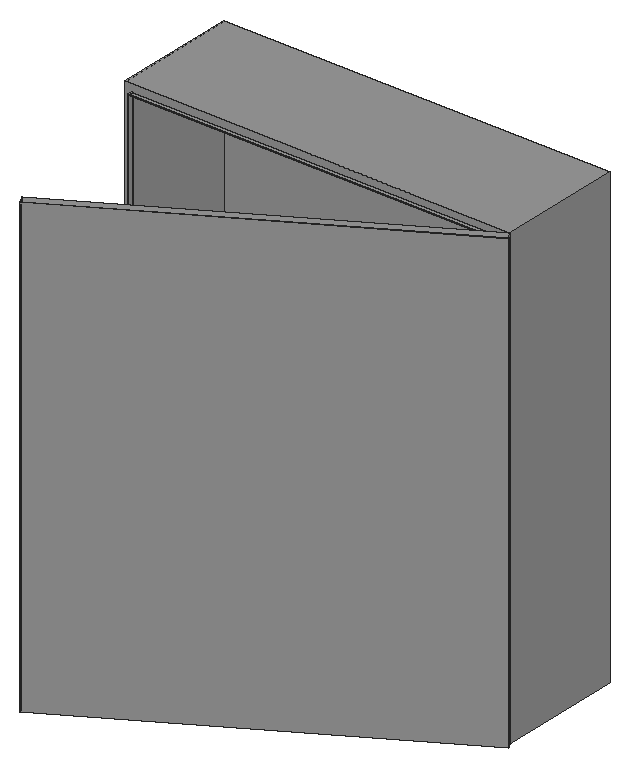
Revit family "Hager-Univers-IP55-D275-H950-Cl.II-Steel_encl-NoHosted-SE-en", category Equipement électrique, Revit 2020
Family settings
  Configuration du panneau = Deux colonnes, circuits au sein
  Cote de connecteur circulaire = Utiliser le diamètre
  Type d'élément = Tableau de raccordement
  Basée sur le plan de construction = Oui
  Toujours verticalement = Oui
  Couper avec des vides une fois chargée = Non
  Partagée = Non
  Point de calcul de pièce = Non
Parameters (values of type "Surface mounted (plaster) IP55 W800 H950 D275  - FR63S")
  Width Control [instance] = if([EF000008 - Width] > Min Width, [EF000008 - Width], Min Width)  # 800 mm
  Commentaires du type = [HG000003 - Range]  # "Univers"
  Thickness Door [instance] = if([EF009171 - Material plate thickness door/cover] > 3 mm, 3 mm, [EF009171 - Material plate thickness door/cover])  # 1.5 mm
  Seal Frame Offset [instance] = 17 mm  # constant formula
  Plinth Visibility [instance] = [HG000027 - Plinth height] > 0 mm  # no
  Min Width [instance] = 100 mm  # constant formula
  Min Depth [instance] = (2 * [EF009170 - Material plate thickness cabinet]) + 1 mm  # 4 mm
  Min Height [instance] = 100 mm  # constant formula
  Internal Frame Depth [instance] = (Door System Depth * 0.5)  # 9 mm
  Panel Name [instance] = ""  # (empty or 0)
  Model = ""
  HG000027 - Plinth height = 0 mm
  HG000026 - Floor standing = no
  HG000024 - Bottom section height = 600 mm
  HG000023 - Double section enclosure = no
  HG000016 - Door 3d visibility [instance] = yes
  HG000015 - Clearance visibility [instance] = no
  HG000014 - Door on the right [instance] = yes
  HG000013 - Door on the left [instance] = not([HG000014 - Door on the right])  # no
  HG000012 - Door swing angle [instance] = 30.00°
  HG000010 - Asymmetric doors = no
  HG000009 - Double swing door = no
  HG000006 - Flush mounted = no
  HG000004 - Manufacturer reference = "FR63S"
  HG000003 - Range = "Univers"
  HG000002 - With door or cover = yes
  Frame Offset Bottom [instance] = 10 mm  # constant formula
  Frame Offset [instance] = 15 mm  # constant formula
  EF015940 - Cover with overpressure release = no
  EF011959 - Degree of protection (NEMA) = ""
  EF009554 - Number of openings for flange plates = 6
  EF009212 - Cover model = "EV000116 - Closed"
  EF009171 - Material plate thickness door/cover = 1.5 mm
  EF009170 - Material plate thickness cabinet = 1.5 mm
  EF008873 - Nominal current (In) = 800 A
  EF007800 - Suitable for lightning protection = no
  EF006306 - With lock = no
  EF006244 - Transparent cover/door = no
  EF005474 - Degree of protection (IP) = "EV006420 - IP55"
  EF004464 - Type of door = "EV002646 - Single"
  EF004427 - Number of modules = 216
  EF004293 - Impact strength = "EV008784 - IK10"
  EF003532 - Suitable for outdoor use = no
  EF002950 - Width in number of modular spacings = 24
  EF001613 - Circuit integrity = "EV000494 - None"
  EF001596 - Material housing = "EV000179 - Steel"
  EF001131 - Internal depth = 275 mm
  EF001088 - Extension possible = yes
  EF000437 - Number of conduit inlets = 6
  EF000339 - Type of cover = "EV004216 - Door"
  EF000266 - Number of rows = 6
  EF000218 - Built-in depth = 0 mm
  EF000118 - With mounting plate = no
  EF000116 - RAL-number = "7035"
  EF000049 - Depth = 275 mm
  EF000040 - Height = 950 mm
  EF000008 - Width = 800 mm
  EF000007 - Colour = "EV000270 - Grey"
  EF000003 - Mounting method = "EV000384 - Surface mounted (plaster)"
  Door System Leaf Tolerance [instance] = 1.5 mm  # constant formula
  Door System Depth [instance] = 18 mm  # constant formula
  Door Height [instance] = Height Control - [HG000027 - Plinth height]  # 950 mm
  Description = ""
  Default Elevation = 1219.2 mm
  Connector Offset [instance] = Height Control / 2  # 475 mm
  Fabricant = "Hager"  # constant formula
  Height Control [instance] = if([EF000040 - Height] > Min Height, [EF000040 - Height], Min Height)  # 950 mm
  Depth Control [instance] = if([EF000049 - Depth] > Min Depth, [EF000049 - Depth], Min Depth)  # 275 mm
  Bottom Top Plate Trim [instance] = 1.5 mm  # constant formula
  Plinth height Ctrl [instance] = if([HG000027 - Plinth height] > 0 mm, [HG000027 - Plinth height], 12 mm)  # 12 mm
Types (5, lengths in mm): name | Width Control | HG000010 - Asymmetric doors | HG000009 - Double swing door | HG000004 - Manufacturer reference | EF009554 - Number of openings for flange plates | EF004464 - Type of door | EF004427 - Number of modules | EF000437 - Number of conduit inlets | EF000008 - Width
  Surface mounted (plaster) IP55 W1050 H950 D275  - FR64S | 1050 | no | yes | "FR64S" | 8 | "EV003602 - Double" | 288 | 8 | 1050
  Surface mounted (plaster) IP55 W1300 H950 D275  - FR65S | 1300 | yes | yes | "FR65S" | 10 | "EV003602 - Double" | 360 | 10 | 1300
  Surface mounted (plaster) IP55 W300 H950 D275  - FR61S | 300 | no | no | "FR61S" | 2 | "EV002646 - Single" | 72 | 2 | 300
  Surface mounted (plaster) IP55 W550 H950 D275  - FR62S | 550 | no | no | "FR62S" | 4 | "EV002646 - Single" | 144 | 4 | 550
  Surface mounted (plaster) IP55 W800 H950 D275  - FR63S | 800 | no | no | "FR63S" | 6 | "EV002646 - Single" | 216 | 6 | 800
Reference planes
  plane 1 "Center (Front/Back)": y = 0
  plane 2: z = 0
  plane 3 "Center (Left/Right)": x = 0
  plane 4: y = 0
  plane 5: y = 0
  plane 6: z = 0
  plane 7: x = -400
  plane 8: x = 400
  plane 9: x = 398.5
  plane 10: x = -398.5
  plane 11: z = 0
  plane 12: z = 1.5
  plane 13: y = -275
  plane 14: y = -1.5
  plane 15: x = 0
  plane 16: y = -257
  plane 17: y = -273.5
  plane 18: y = -255.5
  plane 19: x = -383.5
  plane 20: x = 383.5
  plane 21: z = 11.5
  plane 22: x = -383
  plane 23: x = 383
  plane 24: z = 0
  plane 25: z = 950
  plane 26: z = 950
  plane 27: z = 933.5
  plane 28: z = 948.5
Forms (mm)
  Extrusion 1, solid, material "Hager_Steel_RAL7035_Light_Grey", detail levels medium+fine
    sketch origin (-208.679, -4572, 0) x (-1, 0, 0) y (0, -1, 0)
      loop
        line (191.321, -4315) -> (-608.679, -4315) -> (-608.679, -4572) -> (191.321, -4572) -> (191.321, -4315)
    from 0 to 950
  Extrusion 2, void
    sketch origin (-350.771, -275, 1219.2) x (1, 0, 0) y (0, 0, 1)
      loop
        line (-47.729, -270.7) -> (-47.729, -1217.7) -> (749.271, -1217.7) -> (749.271, -270.7) -> (-47.729, -270.7)
    from -19.5 to -273.5
  Extrusion 3, void
    sketch origin (-290.084, -257, 1219.2) x (1, 0, 0) y (0, 0, 1)
      loop
        line (-93.416, -1207.7) -> (673.584, -1207.7) -> (673.584, -285.7) -> (-93.416, -285.7) -> (-93.416, -1207.7)
    from 0 to -1.5
  Extrusion 4, solid, material "Hager_Steel_RAL7035_Light_Grey", visible <- "Plinth Visibility", detail levels medium+fine
    sketch origin (0, 0, 0) x (1, 0, 0) y (0, 1, 0)
      loop
        line (-400, 0) -> (-400, -257) -> (400, -257) -> (400, 0) -> (-400, 0)
    from 0 to 12 <- "Plinth height Ctrl"
  Extrusion 5, solid, material "Hager_Steel_RAL7035_Light_Grey", detail levels coarse
    sketch origin (0, 0, 0) x (1, 0, 0) y (0, 1, 0)
      loop
        line (-400, 0) -> (-400, -275) -> (400, -275) -> (400, 0) -> (-400, 0)
    from 0 to 950 <- "Height Control"
  Sweep 6, void
    path in 3D
      loop
        line (-400, -257, 12) -> (400, -257, 12) -> (400, 0, 12) -> (-400, 0, 12) -> (-400, -257, 12)
    profile origin (-400, -128.5, 12) x (1, 0, 0) y (0, 0, 1)
      loop
        line (0, 0) -> (0, -1.5) -> (1.5, -1.5)
        arc (1.5, -1.5) -> (1.061, -0.439) -> (0, 0) r 1.5
  Extrusion 7, solid, material "Hager_Steel_RAL7035_Light_Grey", detail levels fine
    sketch origin (-400, -257, 0) x (1, 0, 0) y (0, 0, 1)
      loop
        line (16.5, 11.5) -> (783.5, 11.5) -> (783.5, 933.5) -> (16.5, 933.5) -> (16.5, 11.5)
      loop
        line (15, 10) -> (785, 10) -> (785, 935) -> (15, 935) -> (15, 10)
    from 0 to 9 <- "Internal Frame Depth"
Cuts and joins
  Extrusion 2, Extrusion 3 cuts Extrusion 1
  Sweep 6 cuts Extrusion 4
Lines and regions (mm)
  Masking region 1
    outline origin (0, 0, 0) x (1, 0, 0) y (0, 1, 0)
      loop
        line (-400, 0) -> (-400, -275) -> (400, -275) -> (400, 0) -> (-400, 0)
  Masking region 2, detail levels coarse
    outline origin (-290.084, -257, 1219.2) x (-1, 0, 0) y (0, 0, 1)
      loop
        line (-690.084, -1219.2) -> (109.916, -1219.2) -> (109.916, -269.2) -> (-690.084, -269.2) -> (-690.084, -1219.2)
  Masking region 3, detail levels coarse
    outline origin (0, 0, 0) x (0, 1, 0) y (0, 0, 1)
      loop
        line (0, 0) -> (0, 950) -> (-275, 950) -> (-275, 0) -> (0, 0)
  Masking region 4, visible <- "Plinth Visibility", detail levels medium+fine
    outline origin (0, 0, 0) x (0, 1, 0) y (0, 0, 1)
      loop
        line (-1.5, 12) -> (-255.5, 12)
        arc (-255.5, 12) -> (-255.939, 10.939) -> (-257, 10.5) r 1.5
        line (-257, 10.5) -> (-257, 0) -> (0, 0) -> (0, 10.5)
        arc (0, 10.5) -> (-1.061, 10.939) -> (-1.5, 12) r 1.5
  Masking region 5, detail levels medium+fine
    outline origin (0, 0, 594.038) x (0, 1, 0) y (0, 0, 1)
      loop
        line (0, -594.038) -> (0, 355.962) -> (-257, 355.962) -> (-257, -594.038) -> (0, -594.038)
  Masking region 6, detail levels medium+fine
    outline origin (-359.7, -257, 1211.883) x (-1, 0, 0) y (0, 0, 1)
      loop
        line (-759.7, -1211.883) -> (40.3, -1211.883) -> (40.3, -261.883) -> (-759.7, -261.883) -> (-759.7, -1211.883)
  Masking region 7, visible <- "Plinth Visibility", detail levels medium+fine
    outline origin (-320.334, -257, 1041.368) x (-1, 0, 0) y (0, 0, 1)
      loop
        line (-720.334, -1041.368) -> (79.666, -1041.368) -> (79.666, -1030.868)
        arc (79.666, -1030.868) -> (78.606, -1030.429) -> (78.166, -1029.368) r 1.5
        line (78.166, -1029.368) -> (-718.834, -1029.368)
        arc (-718.834, -1029.368) -> (-719.273, -1030.429) -> (-720.334, -1030.868) r 1.5
        line (-720.334, -1030.868) -> (-720.334, -1041.368)
  sketch lines
    curve 1: line (-400, 0, 12) -> (-400, -257, 12)
    curve 2: line (-400, -257, 12) -> (400, -257, 12)
    curve 3: line (400, 0, 12) -> (-400, 0, 12)
    curve 4: line (400, -257, 12) -> (400, 0, 12)
Dimensions and locks
  locked: plane 1 "Center (Front/Back)" to plane 5
  "EF009170 - Material plate thickness cabinet": plane 7 to plane 10
  "EF009170 - Material plate thickness cabinet": plane 8 to plane 9
  equal spacing: plane 7, plane 3 "Center (Left/Right)", plane 8
  "Width Control": plane 7 to plane 8
  "Depth Control": plane 4 to plane 13
  "EF009170 - Material plate thickness cabinet": plane 4 to plane 14
  "Height Control": plane 25 to level
  "HG000027 - Plinth height": plane 11 to level
  "EF009170 - Material plate thickness cabinet": plane 12 to plane 11
  "EF009170 - Material plate thickness cabinet": plane 17 to plane 13
  "EF009170 - Material plate thickness cabinet": plane 18 to plane 16
  "Frame Offset Bottom": plane 21 to plane 12
  "Frame Offset": plane 10 to plane 19
  "Frame Offset": plane 9 to plane 20
  "Door System Depth": plane 16 to plane 13
  "Seal Frame Offset": plane 7 to plane 22
  "Seal Frame Offset": plane 8 to plane 23
  "EF009170 - Material plate thickness cabinet": plane 26 to plane 28
  "Frame Offset": plane 28 to plane 27
  "Connector Offset": plane 2 to connector elem
  "Bottom Top Plate Trim": profile plane to Sweep 6 sketch curve
  "Bottom Top Plate Trim": Sweep 6 sketch curve to Sweep 6 sketch curve
  "Plinth height Ctrl": Masking region 4 sketch curve to level
  "Plinth height Ctrl": Masking region 7 sketch curve to level
  "Thickness Door": Extrusion 7 sketch curve to Extrusion 7 sketch curve  (x4)
  "Bottom Top Plate Trim": radius of Sweep 6 sketch curve
  "Bottom Top Plate Trim": radius of Masking region 4 sketch curve  (x2)
  "Bottom Top Plate Trim": radius of Masking region 7 sketch curve  (x2)
  aligned and locked: Extrusion 2 sketch curve to plane 12
  aligned and locked: Extrusion 2 sketch curve to plane 9
  aligned and locked: Extrusion 2 sketch curve to plane 10
  aligned and locked: Extrusion 2 to plane 14
  aligned and locked: Extrusion 1 sketch curve to plane 4
  aligned and locked: plane 8 to Extrusion 1 sketch curve
  aligned and locked: plane 7 to Extrusion 1 sketch curve
  aligned and locked: Extrusion 2 to plane 18
  aligned and locked: Extrusion 3 sketch curve to plane 19
  aligned and locked: plane 20 to Extrusion 3 sketch curve
  aligned and locked: Extrusion 3 to Extrusion 2
  aligned and locked: Extrusion 3 sketch curve to plane 21
  aligned and locked: plane 3 "Center (Left/Right)" to nested 1
  aligned and locked: Extrusion 1 sketch curve to plane 16
  aligned and locked: Extrusion 4 sketch curve to cut or joined group of Extrusion 1, Extrusion 2, Extrusion 3
  aligned and locked: Masking region 1 sketch curve to plane 7
  aligned and locked: Masking region 1 sketch curve to plane 5
  aligned and locked: Masking region 1 sketch curve to plane 8
  aligned and locked: Masking region 2 sketch curve to level
  aligned and locked: level to Masking region 3 sketch curve
  aligned and locked: plane 1 "Center (Front/Back)" to Masking region 3 sketch curve
  aligned and locked: plane 13 to Masking region 3 sketch curve
  aligned and locked: plane 5 to Masking region 4 sketch curve
  aligned and locked: Masking region 2 sketch curve to plane 8
  aligned and locked: Masking region 2 sketch curve to plane 7
  aligned and locked: plane 7 to nested 2
  aligned and locked: nested 2 to plane 5
  aligned and locked: plane 5 to Masking region 5 sketch curve
  aligned and locked: plane 26 to Masking region 5 sketch curve
  aligned and locked: Extrusion 5 sketch curve to plane 8
  aligned and locked: Extrusion 5 sketch curve to plane 7
  aligned and locked: Extrusion 5 sketch curve to plane 5
  aligned and locked: Extrusion 3 sketch curve to plane 27
  aligned and locked: Extrusion 2 sketch curve to plane 28
  aligned and locked: Masking region 2 to plane 25
  aligned and locked: Extrusion 4 to plane 16
  aligned and locked: profile plane to Sweep 6 sketch curve
  aligned and locked: Masking region 5 sketch curve to plane 24
  aligned and locked: level to Masking region 4 sketch curve
  aligned and locked: Masking region 1 to plane 13
  aligned and locked: nested 1 to plane 16
  aligned and locked: Masking region 3 to plane 25
  aligned and locked: plane 16 to Masking region 4 sketch curve
  aligned and locked: Masking region 5 sketch curve to plane 16
  aligned and locked: plane 24 to plane 11
  aligned and locked: plane 26 to plane 25
  aligned and locked: plane 26 to cut or joined group of Extrusion 1, Extrusion 2, Extrusion 3
  aligned and locked: nested 1 to plane 24
  aligned and locked: Extrusion 1 to Extrusion 3
  aligned and locked: Masking region 6 sketch curve to plane 8
  aligned and locked: Masking region 6 sketch curve to plane 24
  aligned and locked: Masking region 6 sketch curve to plane 7
  aligned and locked: Masking region 6 sketch curve to plane 26
  aligned and locked: Masking region 7 sketch curve to plane 7
  aligned and locked: level to Masking region 7 sketch curve
  aligned and locked: Masking region 7 sketch curve to plane 8
  aligned and locked: Extrusion 7 sketch curve to cut or joined group of Extrusion 1, Extrusion 2, Extrusion 3  (x4)
Automatic sketch dimensions
  plane 19 to Extrusion 3 sketch curve = 0 mm
  Extrusion 3 sketch curve to plane 20 = 0 mm
  Extrusion 3 sketch curve to plane 21 = 0 mm
  Extrusion 4 sketch curve to plane 7 = 0 mm
  Extrusion 4 sketch curve to plane 8 = 0 mm
  Extrusion 4 sketch curve to plane 16 = 0 mm
  Masking region 1 sketch curve to plane 13 = 0 mm
  Masking region 2 sketch curve to plane 25 = 0 mm
  Masking region 3 sketch curve to plane 25 = 0 mm
  Extrusion 5 sketch curve to plane 13 = 0 mm
  profile plane to Sweep 6 sketch curve = 0 mm
Nested families
  nested 1: "EC000058_Univers_Door" at (0, -257, 0), Double <- "HG000009 - Double swing door", Transparent <- "EF006244 - Transparent cover/door", Angle <- "HG000012 - Door swing angle", Door_Right <- "HG000014 - Door on the right", Assymetrical <- "HG000010 - Asymmetric doors", Door <- "HG000002 - With door or cover", Width_Ctrl <- "Width Control", 3d_Door <- "HG000016 - Door 3d visibility", Clearance <- "HG000015 - Clearance visibility", Door_Left <- "HG000013 - Door on the left", Width <- "Width Control", Door_Depth <- "Door System Depth", Leaf_Tolerance <- "Door System Leaf Tolerance", Height <- "Door Height", Lock_Visibility <- "EF006306 - With lock", Thickness <- "Thickness Door", type "EC000058_Univers_Door", detail levels medium+fine
    with min_wh 4 mm, Width_Ctrl 800 mm, Width 800 mm, Transparent no, Thickness 1.5 mm, Seal_Material Hager_Rubber, Lock_Visibility no, Lock_Material Hager_Plastic_RAL9005_Jet_Black, Leaf_Width 800 mm, Leaf_Tolerance_External_Sides 0 mm, Leaf_Tolerance 1.5 mm, Leaf_Offset 0 mm, Leaf_Height 947 mm, Leaf_2_Width 800 mm, Leaf_2_Offset 400 mm, Leaf_1_Width 800 mm, Leaf_1_Offset 400 mm, Height_Ctrl 950 mm, Height 950 mm, Glass_Material Hager_Glass, Double_Clearance_Ctrl no, Double no, Door_Right_Ctrl yes, Door_Right yes, Door_Material Hager_Steel_RAL7035_Light_Grey, Door_Left_Ctrl no, Door_Left no, Door_Depth 18 mm, Door yes, Clearance_Material Hager_Clearance, Clearance_Depth 800 mm, Clearance_Ctrl no, Clearance no, Assymetrical no, Angle 30.00°, 3d_Door yes
  nested 2: "Hager_Enclosure_Symbol" at (-400, 0, 0), Height <- "Depth Control", Width <- "Width Control", type "Hager_Enclosure_Symbol"
    with Width_Ctrl 800 mm, Width 800 mm, Height_Ctrl 275 mm, Height 275 mm, A_Width_Int 18.047 mm, A_Width 216.562 mm, A_Height_Ctrl 240.625 mm, A_Height 240.625 mm
Connectors
  electrical at (0, 0, 475)
    settings: on plane 1 "Center (Front/Back)", index 1, voltage 0 V, apparent load 0 VA, apparent load phase1 0 VA, apparent load phase2 0 VA, apparent load phase3 0 VA, power factor 1, load classification "Other", number of poles 1, system type 30, power factor state 1, is connector primary yes, connector utility no, sub classification motor no, connector description ""
Definition of nested family "EC000058_Univers_Door"
  Parameters (values of type "EC000058_Univers_Door")
    min_wh [instance] = (2 * Thickness) + 1 mm  # 11 mm
    Width_Ctrl [instance] = 400 mm
    Width [instance] = 500 mm
    Transparent [instance] = yes
    Thickness [instance] = 5 mm
    Seal_Material [instance] = none
    Lock_Visibility [instance] = yes
    Lock_Material [instance] = none
    Leaf_Width [instance] = if((Width_Ctrl - 2 * Leaf_Tolerance_External_Sides) > 0 mm, (Width_Ctrl - 2 * Leaf_Tolerance_External_Sides), min_wh)  # 400 mm
    Leaf_Tolerance_External_Sides [instance] = 0 mm  # constant formula
    Leaf_Tolerance [instance] = 1.5 mm
    Leaf_Offset [instance] = 0 mm  # constant formula
    Leaf_Height [instance] = if((Height_Ctrl - 2 * Leaf_Tolerance) > 0 mm, (Height_Ctrl - 2 * Leaf_Tolerance), min_wh)  # 497 mm
    Leaf_2_Width [instance] = if(and(and(Double, Assymetrical), Door_Left), (Leaf_Width / 3) - (Leaf_Tolerance / 2), if(and(and(Double, Assymetrical), Door_Right), (Leaf_Width / 3) * 2 - (Leaf_Tolerance / 2), if(and(Double, not(Assymetrical)), (Leaf_Width / 2) - Leaf_Tolerance, Leaf_Width)))  # 400 mm
    Leaf_2_Offset [instance] = if(and(Double, Assymetrical), Leaf_2_Width / 2, if(and(Double, not(Assymetrical)), Leaf_Width / 4, Leaf_Width / 2))  # 200 mm
    Leaf_1_Width [instance] = if(and(and(Double, Assymetrical), Door_Right), (Leaf_Width / 3) - (Leaf_Tolerance / 2), if(and(and(Double, Assymetrical), Door_Left), (Width / 3) * 2 - (Leaf_Tolerance / 2), if(and(Double, not(Assymetrical)), (Leaf_Width / 2) - Leaf_Tolerance, Leaf_Width)))  # 400 mm
    Leaf_1_Offset [instance] = if(and(Double, Assymetrical), Leaf_1_Width / 2, if(and(Double, not(Assymetrical)), Leaf_Width / 4, Leaf_Width / 2))  # 200 mm
    Height_Ctrl [instance] = if(Height > min_wh, Height, min_wh)  # 500 mm
    Height [instance] = 500 mm
    Glass_Material [instance] = none
    Double_Clearance_Ctrl [instance] = and(Double, Clearance)  # no
    Double [instance] = no
    Door_Right_Ctrl [instance] = and(or(Door_Right, Double), Door)  # yes
    Door_Right [instance] = yes
    Door_Material [instance] = none
    Door_Left_Ctrl [instance] = and(or(Door_Left, Double), Door)  # no
    Door_Left [instance] = no
    Door_Depth [instance] = 30 mm
    Door [instance] = yes
    Default Elevation = 1219.2 mm
    Clearance_Material [instance] = none
    Clearance_Depth [instance] = if(Leaf_1_Width > Leaf_2_Width, Leaf_1_Width, Leaf_2_Width)  # 400 mm
    Clearance_Ctrl [instance] = and(not(Double), Clearance)  # yes
    Clearance [instance] = yes
    Assymetrical [instance] = yes
    Angle [instance] = 30.00°
    3d_Door [instance] = yes
  Reference planes
    plane 1 "Center (Front/Back)": y = 0
    plane 2 "Bottom": z = 0
    plane 3 "Center (Left/Right)": x = 0
    plane 4: z = 500
    plane 5: x = -200
    plane 6: x = 200
    plane 7: z = 500
    plane 8: x = -200
    plane 9: z = 0
    plane 10: x = 200
    plane 11: y = 0
    plane 12: z = 1.5
    plane 13: x = -600
    plane 14: y = -400
    plane 15: x = 600
    plane 16: x = 0
    plane 17: x = 0
    plane 18: x = -200
    plane 19: x = 200
    plane 20: z = 498.5
  Forms (mm)
    Extrusion 1, solid, material <- "Clearance_Material", visible <- "Double_Clearance_Ctrl"
      sketch origin (1200, 0, 0) x (1, 0, 0) y (0, 0, -1)
        loop
          line (-1800, -498.5) -> (-600, -498.5) -> (-600, 0) -> (-1800, 0) -> (-1800, -498.5)
      from 0 to -400
  Dimensions and locks
    equal spacing: plane 5, plane 3 "Center (Left/Right)", plane 6
    "Width_Ctrl": plane 5 to plane 6
    "Leaf_Offset": plane 5 to plane 8
    "Leaf_Offset": plane 6 to plane 10
    "Leaf_Offset": plane 9 to level
    "Leaf_Offset": plane 4 to plane 7
    "Height_Ctrl": plane 4 to level
    "Leaf_Tolerance": plane 12 to plane 9
    locked: plane 11 to plane 1 "Center (Front/Back)"
    "Leaf_1_Offset": plane 18 to plane 16
    "Leaf_2_Offset": plane 17 to plane 19
    "Leaf_1_Width": plane 13 to plane 8
    "Leaf_2_Width": plane 10 to plane 15
    "Clearance_Depth": plane 14 to plane 1 "Center (Front/Back)"
    "Leaf_Tolerance_External_Sides": plane 8 to plane 18
    "Leaf_Tolerance_External_Sides": plane 19 to plane 10
    "Leaf_Tolerance": plane 7 to plane 20
    aligned and locked: level to plane 2 "Bottom"
    aligned and locked: nested 1 to plane 16
    aligned and locked: nested 2 to plane 17
    aligned and locked: Extrusion 1 to plane 13
    aligned and locked: plane 15 to Extrusion 1
    aligned and locked: Extrusion 1 to plane 14
    aligned and locked: plane 12 to nested 1
    aligned and locked: nested 2 to plane 12
    aligned and locked: Extrusion 1 to plane 11
    aligned and locked: plane 20 to Extrusion 1
    aligned and locked: nested 2 to plane 11
    aligned and locked: nested 1 to plane 11
  Automatic sketch dimensions
    Extrusion 1 sketch curve to level = 0 mm
    plane 5 to Extrusion 1 sketch curve = 400 mm
    plane 6 to Extrusion 1 sketch curve = 400 mm
    Extrusion 1 sketch curve to plane 4 = 1.5 mm
  Nested families
    nested 1: "EC000058_Univers_Door_Leaf" at (0, 0, 1.5), Width <- "Leaf_1_Width", visible <- "Door_Left_Ctrl", Leaf_Height <- "Leaf_Height", Angle <- "Angle", 3d_Door <- "3d_Door", Transparent <- "Transparent", Clearance Material <- "Clearance_Material", Clearance <- "Clearance_Ctrl", Door_Material <- "Door_Material", Glass_Material <- "Glass_Material", Door_Depth <- "Door_Depth", Lock_Material <- "Lock_Material", Seal_Material <- "Seal_Material", Lock_Visibility <- "Lock_Visibility", Thickness <- "Thickness", type "EC000058_Univers_Door_Leaf"
      with Width 400 mm, Transparent_Glass_Offset 30 mm, Transparent_Ctrl yes, Transparent yes, Thickness 5 mm, Standard no, Seal_Material none, Seal_D2 8 mm, Seal_D1 1 mm, Offset_Internal_Frame 10 mm, Lock_Width 20 mm, Lock_Visibility_3d yes, Lock_Visibility yes, Lock_Thickness_3 3 mm, Lock_Thickness_2 1 mm, Lock_Thickness_1 3 mm, Lock_Radius_Offset_2 16 mm, Lock_Radius_Offset_1 15 mm, Lock_Radius_2 5 mm, Lock_Radius 6 mm, Lock_Offset 5 mm, Lock_Material none, Lock_Height 80 mm, Lock_Cover_Top_Offset_2d 17 mm, Lock_Cover_Height -65 mm, Leaf_Height 497 mm, Internal_Seal_Thickness 8 mm, Internal_Seal_Depth_2 4.5 mm, Internal_Frame_Depth 25 mm, Glass_Thickness -1 mm, Glass_Offset -2 mm, Glass_Material none, Door_Material none, Door_Depth 30 mm, Clearance Material none, Clearance yes, Angle_Ctrl 30.00°, Angle 30.00°, 3d_Door yes
    nested 2: "EC000058_Univers_Door_Leaf" at (0, 0, 1.5) x (-1, 0, 0) z (0, 0, 1), Width <- "Leaf_2_Width", visible <- "Door_Right_Ctrl", Leaf_Height <- "Leaf_Height", Angle <- "Angle", 3d_Door <- "3d_Door", Transparent <- "Transparent", Clearance Material <- "Clearance_Material", Clearance <- "Clearance_Ctrl", Door_Material <- "Door_Material", Glass_Material <- "Glass_Material", Door_Depth <- "Door_Depth", Lock_Material <- "Lock_Material", Seal_Material <- "Seal_Material", Lock_Visibility <- "Lock_Visibility", Thickness <- "Thickness", type "EC000058_Univers_Door_Leaf"
      with Width 400 mm, Transparent_Glass_Offset 30 mm, Transparent_Ctrl yes, Transparent yes, Thickness 5 mm, Standard no, Seal_Material none, Seal_D2 8 mm, Seal_D1 1 mm, Offset_Internal_Frame 10 mm, Lock_Width 20 mm, Lock_Visibility_3d yes, Lock_Visibility yes, Lock_Thickness_3 3 mm, Lock_Thickness_2 1 mm, Lock_Thickness_1 3 mm, Lock_Radius_Offset_2 16 mm, Lock_Radius_Offset_1 15 mm, Lock_Radius_2 5 mm, Lock_Radius 6 mm, Lock_Offset 5 mm, Lock_Material none, Lock_Height 80 mm, Lock_Cover_Top_Offset_2d 17 mm, Lock_Cover_Height -65 mm, Leaf_Height 497 mm, Internal_Seal_Thickness 8 mm, Internal_Seal_Depth_2 4.5 mm, Internal_Frame_Depth 25 mm, Glass_Thickness -1 mm, Glass_Offset -2 mm, Glass_Material none, Door_Material none, Door_Depth 30 mm, Clearance Material none, Clearance yes, Angle_Ctrl 30.00°, Angle 30.00°, 3d_Door yes
  Definition of nested family "EC000058_Univers_Door_Leaf"
    Parameters (values of type "EC000058_Univers_Door_Leaf")
      Width [instance] = 2000 mm
      Transparent_Glass_Offset [instance] = 30 mm
      Transparent_Ctrl [instance] = and(Transparent, [3d_Door])  # yes
      Transparent [instance] = yes
      Thickness [instance] = 5 mm
      Standard [instance] = and(not(Transparent), [3d_Door])  # no
      Seal_Material [instance] = none
      Seal_D2 [instance] = 8 mm  # constant formula
      Seal_D1 [instance] = 1 mm  # constant formula
      Offset_Internal_Frame [instance] = 10 mm  # constant formula
      Lock_Width [instance] = 20 mm  # constant formula
      Lock_Visibility_3d [instance] = and(Lock_Visibility, [3d_Door])  # yes
      Lock_Visibility [instance] = yes
      Lock_Thickness_3 [instance] = 3 mm  # constant formula
      Lock_Thickness_2 [instance] = 1 mm  # constant formula
      Lock_Thickness_1 [instance] = 3 mm  # constant formula
      Lock_Radius_Offset_2 [instance] = Lock_Radius_Offset_1 + 1 mm  # 16 mm
      Lock_Radius_Offset_1 [instance] = 15 mm  # constant formula
      Lock_Radius_2 [instance] = Lock_Radius - 1 mm  # 5 mm
      Lock_Radius [instance] = 6 mm  # constant formula
      Lock_Offset [instance] = 5 mm  # constant formula
      Lock_Material [instance] = none
      Lock_Height [instance] = 80 mm  # constant formula
      Lock_Cover_Top_Offset_2d [instance] = Lock_Radius_Offset_2 + 1 mm  # 17 mm
      Lock_Cover_Height [instance] = -(Lock_Height - Lock_Radius_Offset_1)  # -65 mm
      Leaf_Height [instance] = 2720.336 mm
      Internal_Seal_Thickness [instance] = 8 mm  # constant formula
      Internal_Seal_Depth_2 [instance] = 4.5 mm  # constant formula
      Internal_Frame_Depth [instance] = if(Door_Depth - Thickness > 5 mm, Door_Depth - Thickness, 5 mm)  # 25 mm
      Glass_Thickness [instance] = if(Thickness > 15 mm, Glass_Offset + 10 mm, -1 mm)  # -1 mm
      Glass_Offset [instance] = if(Thickness > 15 mm, -(Thickness + 10 mm) / 2, -2 mm)  # -2 mm
      Glass_Material [instance] = none
      Door_Material [instance] = none
      Door_Depth [instance] = 30 mm
      Default Elevation = 0 mm
      Clearance Material [instance] = none
      Clearance [instance] = yes
      Angle_Ctrl [instance] = if(Angle > 180.00°, 180.00°, Angle)  # 90.00°
      Angle [instance] = 90.00°
      3d_Door [instance] = yes
    Reference planes
      plane 1 "Center (Front/Back)": y = 0
      plane 2: z = 0
      plane 3 "Center (Left/Right)": x = 0
      plane 4: y = 2000
      plane 5: x = -1000
      plane 6: x = 1000
      plane 7: x = -3000
      plane 8: z = 2720.336
      plane 9: z = 30
      plane 10: z = 2690.336
      plane 11: x = 970
      plane 12: x = -970
      plane 13: y = -3
      plane 14: z = 107.833
      plane 15: y = -5
      plane 16: y = -223.314
      plane 17: x = -1000
      plane 18: z = 1360.168
      plane 19: y = 30
    Forms (mm)
      Extrusion 1, solid, material <- "Clearance Material", visible <- "Clearance"
        sketch origin (0, 0, 0) x (1, 0, 0) y (0, 0, 1)
          loop
            line (-3000, 2720.336) -> (-3000, 0) -> (1000, 0) -> (1000, 2720.336) -> (-3000, 2720.336)
        from 0 to -2000
      Extrusion 2, solid, material <- "Door_Material", visible <- "Standard", detail levels medium+fine
        sketch origin (-1000, 0, 0) x (0, 1, 0) y (-1, 0, 0)
          loop
            line (0, 30) -> (0, 25) -> (2000, 25) -> (2000, 30) -> (0, 30)
        from 0 to 2720.336 <- "Leaf_Height"
      Extrusion 3, solid, material <- "Door_Material", visible <- "Transparent_Ctrl", detail levels medium+fine
        sketch origin (-1000, 0, 0) x (0, 1, 0) y (-1, 0, 0)
          loop
            line (0, 25) -> (2000, 25) -> (2000, 30) -> (0, 30) -> (0, 25)
        from 0 to 2720.336 <- "Leaf_Height"
      Extrusion 4, void
        sketch origin (-1025, 2000, 0) x (0, 1, 0) y (0, 0, -1)
          loop
            line (-30, -2690.336) -> (-30, -30) -> (-1970, -30) -> (-1970, -2690.336) -> (-30, -2690.336)
        from 0 to 5 <- "Thickness"
      Sweep 5, solid, material <- "Seal_Material", visible <- "Transparent_Ctrl", detail levels fine
        path in 3D
          loop
            line (-1025, 30, 30) -> (-1025, 30, 2690.336) -> (-1025, 1970, 2690.336) -> (-1025, 1970, 30) -> (-1025, 30, 30)
        profile origin (-1025, 1000, 30) x (1, 0, 0) y (0, 0, 1)
          loop
            line (0, 0) -> (0, -8) -> (1, -8) -> (1, 0) -> (0, 0)
      Extrusion 6, solid, material <- "Glass_Material", visible <- "Transparent_Ctrl", detail levels medium+fine
        sketch origin (-1030, 0, 0) x (0, 1, 0) y (0, 0, -1)
          loop
            line (1970, -2690.336) -> (1970, -30) -> (30, -30) -> (30, -2690.336) -> (1970, -2690.336)
        from -2 <- "Glass_Offset" to -1 <- "Glass_Thickness"
      Extrusion 7, solid, material <- "Door_Material", visible <- "3d_Door", detail levels medium+fine
        sketch origin (-1025, 2000, 0) x (0, -1, 0) y (0, 0, -1)
          loop
            line (0, -2720.336) -> (2000, -2720.336) -> (2000, 0) -> (0, 0) -> (0, -2720.336)
          loop
            line (1995, -5) -> (5, -5) -> (5, -2715.336) -> (1995, -2715.336) -> (1995, -5)
        from 0 to 25 <- "Internal_Frame_Depth"
      Sweep 8, solid, material <- "Seal_Material", visible <- "Transparent_Ctrl", detail levels fine
        path in 3D
          loop
            line (-1025, 0, 0) -> (-1025, 2000, 0) -> (-1025, 2000, 2720.336) -> (-1025, 0, 2720.336) -> (-1025, 0, 0)
        profile origin (-1025, 0, 1360.168) x (1, 0, 0) y (0, 1, 0)
          loop
            line (0, 10) -> (2.975, 10)
            arc (2.975, 10) -> (4.053, 10.447) -> (4.5, 11.525) r 1.525
            line (4.5, 11.525) -> (4.5, 16.527)
            arc (4.5, 16.527) -> (4.069, 17.569) -> (3.027, 18) r 1.473
            line (3.027, 18) -> (0, 18) -> (0, 10)
      Extrusion 9, solid, material <- "Lock_Material", visible <- "Lock_Visibility_3d", detail levels fine
        sketch origin (-1030, 0, 0) x (0, 1, 0) y (0, 0, -1)
          loop
            arc (1993.5, -1400.168) -> (1994.561, -1399.729) -> (1995, -1398.668) r 1.5
            line (1995, -1398.668) -> (1995, -1320.168) -> (1975, -1320.168) -> (1975, -1398.668)
            arc (1975, -1398.668) -> (1975.439, -1399.729) -> (1976.5, -1400.168) r 1.5
            line (1976.5, -1400.168) -> (1993.5, -1400.168)
        from 3 <- "Lock_Thickness_1" to 0
      Blend 10, solid, material <- "Lock_Material", visible <- "Lock_Visibility_3d", detail levels fine
        base sketch origin (-1033, 0, 0) x (0, 1, 0) y (0, 0, -1)
          loop
            line (1975, -1320.168) -> (1975, -1398.668)
            arc (1975, -1398.668) -> (1975.439, -1399.729) -> (1976.5, -1400.168) r 1.5
            line (1976.5, -1400.168) -> (1993.5, -1400.168)
            arc (1993.5, -1400.168) -> (1994.561, -1399.729) -> (1995, -1398.668) r 1.5
            line (1995, -1398.668) -> (1995, -1320.168) -> (1975, -1320.168)
        top sketch origin (-1033, 0, 0) x (0, 1, 0) y (0, 0, -1)
          loop
            line (1976, -1320.168) -> (1976, -1398.668)
            arc (1976, -1398.668) -> (1976.146, -1399.022) -> (1976.5, -1399.168) r 0.5
            line (1976.5, -1399.168) -> (1993.5, -1399.168)
            arc (1993.5, -1399.168) -> (1993.854, -1399.022) -> (1994, -1398.668) r 0.5
            line (1994, -1398.668) -> (1994, -1320.168) -> (1976, -1320.168)
        from 0 to 1 <- "Lock_Thickness_2"
      Blend 11, solid, material <- "Lock_Material", visible <- "Lock_Visibility_3d", detail levels fine
        base sketch origin (-1034, 0, 0) x (0, 1, 0) y (0, 0, -1)
          loop
            line (1978, -1320.168) -> (1978, -1384.168)
            arc (1978, -1384.168) -> (1985, -1391.168) -> (1992, -1384.168) r 7
            line (1992, -1384.168) -> (1992, -1320.168) -> (1978, -1320.168)
        top sketch origin (-1034, 0, 0) x (0, 1, 0) y (0, 0, -1)
          loop
            line (1991, -1320.168) -> (1979, -1320.168) -> (1979, -1383.168)
            arc (1979, -1383.168) -> (1985, -1389.168) -> (1991, -1383.168) r 6
            line (1991, -1383.168) -> (1991, -1320.168)
        from 0 to 3 <- "Lock_Thickness_3"
      Extrusion 12, solid, material <- "Lock_Material", visible <- "Lock_Visibility_3d", detail levels fine
        sketch origin (-1030, 1975, 1320.168) x (1, 0, 0) y (0, -1, 0)
          loop
            line (-7, -19) -> (-7, -1) -> (0, -1) -> (0, 0) -> (-8, 0) -> (-8, -20) -> (0, -20) -> (0, -19) -> (-7, -19)
        from 0 to -65 <- "Lock_Cover_Height"
      Extrusion 13, void
        sketch origin (-1038, 1995, 1320.168) x (-1, 0, 0) y (0, 0, -1)
          loop
            line (-5, -65) -> (0, -65) -> (-5, -60) -> (-5, -65)
        from 0 to 20 <- "Lock_Width"
      Extrusion 14, void
        sketch origin (-1038, 1975, 1320.168) x (0, -1, 0) y (0, 0, -1)
          loop
            circle (-10, -15.995) r 6
          loop
            circle (-10, -15.995) r 5
        from 0 to 2
      Extrusion 15, solid, material <- "Lock_Material", visible <- "Lock_Visibility_3d", detail levels medium
        sketch origin (-1030, 0, 0) x (0, 1, 0) y (0, 0, -1)
          loop
            arc (1993.5, -1400.168) -> (1994.561, -1399.729) -> (1995, -1398.668) r 1.5
            line (1995, -1398.668) -> (1995, -1320.168) -> (1975, -1320.168) -> (1975, -1398.668)
            arc (1975, -1398.668) -> (1975.439, -1399.729) -> (1976.5, -1400.168) r 1.5
            line (1976.5, -1400.168) -> (1993.5, -1400.168)
        from 8 to 0
    Cuts and joins
      Extrusion 4 cuts Extrusion 3
      Extrusion 13, Extrusion 14 cuts Extrusion 9
      Extrusion 14 cuts Blend 11
      Extrusion 13, Extrusion 14 cuts Extrusion 12
      joined: Extrusion 9, Blend 10, Blend 11, Extrusion 12
      Extrusion 14 cuts Extrusion 15
    Lines and regions (mm)
      Masking region 1, visible <- "Lock_Visibility", detail levels fine
        outline origin (0, 0, 0) x (0, 1, 0) y (0, 0, 1)
          loop
            line (30, 1320.168) -> (33, 1320.168) -> (33, 1400.168) -> (30, 1400.168) -> (30, 1320.168)
      Masking region 2, visible <- "Lock_Visibility", detail levels fine
        outline origin (0, 3.143, 0) x (0, 1, 0) y (0, 0, 1)
          loop
            line (29.857, 1354.168) -> (30.857, 1354.168) -> (30.857, 1366.168) -> (29.857, 1366.168) -> (29.857, 1354.168)
      Masking region 3, detail levels medium+fine
        outline origin (0, 0, 0) x (0, 1, 0) y (0, 0, 1)
          loop
            line (0, 0) -> (30, 0) -> (30, 2720.336) -> (0, 2720.336) -> (0, 0)
      Masking region 4, detail levels medium+fine
        outline origin (0, 0, 0) x (1, 0, 0) y (0, 0, 1)
          loop
            line (-1000, 2720.336) -> (-1000, 0) -> (1000, 0) -> (1000, 2720.336) -> (-1000, 2720.336)
      Masking region 5, visible <- "Lock_Visibility", detail levels fine
        outline origin (-47.116, 0, 0) x (1, 0, 0) y (0, 0, 1)
          loop
            arc (1024.616, 1399.168) -> (1023.556, 1398.729) -> (1023.116, 1397.668) r 1.5
            line (1023.116, 1397.668) -> (1023.116, 1320.168) -> (1041.116, 1320.168) -> (1041.116, 1397.668)
            arc (1041.116, 1397.668) -> (1040.677, 1398.729) -> (1039.616, 1399.168) r 1.5
            line (1039.616, 1399.168) -> (1024.616, 1399.168)
      Masking region 6, visible <- "Lock_Visibility", detail levels medium+fine
        outline origin (-25, 0, 0) x (1, 0, 0) y (0, 0, 1)
          loop
            arc (1001.5, 1400.168) -> (1000.439, 1399.729) -> (1000, 1398.668) r 1.5
            line (1000, 1398.668) -> (1000, 1320.168) -> (1020, 1320.168) -> (1020, 1398.668)
            arc (1020, 1398.668) -> (1019.561, 1399.729) -> (1018.5, 1400.168) r 1.5
            line (1018.5, 1400.168) -> (1001.5, 1400.168)
      Masking region 7, visible <- "Lock_Visibility", detail levels fine
        outline origin (-73.735, 0, 0) x (1, 0, 0) y (0, 0, 1)
          loop
            line (1051.735, 1382.168) -> (1065.735, 1382.168) -> (1065.735, 1384.168)
            arc (1065.735, 1384.168) -> (1058.735, 1391.168) -> (1051.735, 1384.168) r 7
            line (1051.735, 1384.168) -> (1051.735, 1382.168)
      Masking region 8, visible <- "Lock_Visibility", detail levels fine
        outline origin (-73.735, 0, 0) x (1, 0, 0) y (0, 0, 1)
          loop
            line (1052.735, 1382.168) -> (1064.735, 1382.168) -> (1064.735, 1383.168)
            arc (1064.735, 1383.168) -> (1058.735, 1389.168) -> (1052.735, 1383.168) r 6
            line (1052.735, 1383.168) -> (1052.735, 1382.168)
      Masking region 9, visible <- "Lock_Visibility", detail levels fine
        outline origin (-25, 0, 0) x (1, 0, 0) y (0, 0, 1)
          loop
            line (1020, 1320.168) -> (1020, 1382.168) -> (1000, 1382.168) -> (1000, 1320.168) -> (1020, 1320.168)
      Masking region 10, detail levels medium+fine
        outline origin (0, 0, 0) x (1, 0, 0) y (0, 0, 1)
          loop
            circle (985, 1335.144) r 6
      Masking region 11, detail levels fine
        outline origin (0, 0, 0) x (1, 0, 0) y (0, 0, 1)
          loop
            circle (985, 1335.144) r 5
      Masking region 12, visible <- "Lock_Visibility", detail levels fine
        outline origin (0, 12.767, 0) x (0, 1, 0) y (0, 0, 1)
          loop
            line (20.233, 1320.168) -> (21.233, 1320.168) -> (21.233, 1399.168) -> (20.233, 1400.168) -> (20.233, 1320.168)
      Masking region 13, visible <- "Lock_Visibility", detail levels fine
        outline origin (0, 13.767, -10) x (0, 1, 0) y (0, 0, 1)
          loop
            line (20.233, 1330.168) -> (23.233, 1330.168) -> (23.233, 1399.168) -> (20.233, 1402.168) -> (20.233, 1330.168)
      Masking region 14, visible <- "Lock_Visibility", detail levels fine
        outline origin (0, 12.767, -10) x (0, 1, 0) y (0, 0, 1)
          loop
            line (20.233, 1330.168) -> (25.233, 1330.168) -> (25.233, 1399.305) -> (20.233, 1394.305) -> (20.233, 1330.168)
      Masking region 15, visible <- "Lock_Visibility", detail levels medium
        outline origin (0, 0, 0) x (0, 1, 0) y (0, 0, 1)
          loop
            line (30, 1320.168) -> (38, 1320.168) -> (38, 1400.168) -> (30, 1400.168) -> (30, 1320.168)
      Masking region 16, visible <- "Lock_Visibility", detail levels fine
        outline origin (-1000, 0, 0) x (0, 1, 0) y (-1, 0, 0)
          loop
            line (1975, 30) -> (1995, 30) -> (1995, 38) -> (1975, 38) -> (1975, 30)
          loop
            line (1979, 37) -> (1976, 37) -> (1976, 34) -> (1978, 34) -> (1979, 37)
          loop
            line (1994, 37) -> (1991, 37) -> (1992, 34) -> (1994, 34) -> (1994, 37)
      Masking region 17, visible <- "Lock_Visibility", detail levels medium
        outline origin (-1000, 0, 0) x (0, 1, 0) y (-1, 0, 0)
          loop
            line (1975, 30) -> (1995, 30) -> (1995, 38) -> (1975, 38) -> (1975, 30)
      symbolic lines
        curve 1: line (1000, 0, 0) -> (-3000, 0, 0)
        curve 2: arc (1000, 0, 0) -> (-1000, 2000, 0) -> (-3000, 0, 0) r 2000
        curve 4: line (-1030, 0, 0) -> (-1030, 2000, 0)
      reference lines
        curve 3: line (-1000, 0, 0) -> (-1000, 2000, 0)
      symbolic lines, detail levels medium+fine
        curve 5: line (-1030, 2000, 0) -> (-1025, 2000, 0)
        curve 7: line (-1025, 0, 0) -> (-1030, 0, 0)
        curve 8: line (-1025, 0, 0) -> (-1000, 0, 0)
        curve 9: line (-1000, 0, 0) -> (-1000, 2000, 0)
        curve 10: line (-1000, 2000, 0) -> (-1025, 2000, 0)
      symbolic lines, detail levels fine
        curve 6: line (-1025, 2000, 0) -> (-1025, 0, 0)
      sketch lines
        curve 11: line (-1025, 0, 2720.336) -> (-1025, 0, 0)
        curve 12: line (-1025, 2000, 0) -> (-1025, 0, 0)
        curve 13: line (-1025, 2000, 2720.336) -> (-1025, 2000, 0)
        curve 14: line (-1025, 0, 2720.336) -> (-1025, 2000, 2720.336)
        curve 15: line (-1025, 1970, 30) -> (-1025, 30, 30)
        curve 16: line (-1025, 30, 30) -> (-1025, 30, 2690.336)
        curve 17: line (-1025, 1970, 2690.336) -> (-1025, 1970, 30)
        curve 18: line (-1025, 30, 2690.336) -> (-1025, 1970, 2690.336)
      symbolic lines, visible <- "Transparent", detail levels medium+fine
        curve 19: line (-970, 0, 2690.336) -> (970, 0, 2690.336)
        curve 20: line (-970, 0, 30) -> (-970, 0, 2690.336)
        curve 21: line (970, 0, 30) -> (-970, 0, 30)
        curve 22: line (970, 0, 2690.336) -> (970, 0, 30)
    Dimensions and locks
      "Width": plane 1 "Center (Front/Back)" to plane 4
      equal spacing: plane 5, plane 3 "Center (Left/Right)", plane 6
      "Width": plane 5 to plane 6
      "Width": plane 7 to plane 5
      "Leaf_Height": plane 8 to level
      "Width": curve 5 to curve 3
      "Width": curve 3 to curve 3
      plane 8 to plane 10 = 30 mm
      plane 9 to level = 30 mm
      plane 12 to plane 5 = 30 mm
      plane 6 to plane 11 = 30 mm
      Extrusion 1 to Extrusion 4 sketch curve = 30 mm
      "Transparent_Glass_Offset": curve 3 to Extrusion 4 sketch curve
      "Transparent_Glass_Offset": Extrusion 4 sketch curve to cut or joined group of Extrusion 3, Extrusion 4  (x2)
      cut or joined group of Extrusion 3, Extrusion 4 to Extrusion 6 sketch curve = 30 mm
      "Transparent_Glass_Offset": cut or joined group of Extrusion 3, Extrusion 4 to Extrusion 4 sketch curve
      "Thickness": curve 6 to curve 4
      "Thickness": Extrusion 7 sketch curve to Extrusion 7 sketch curve  (x4)
      "Door_Depth": curve 4 to curve 3
      "Offset_Internal_Frame": profile plane to Sweep 8 sketch curve
      "Internal_Seal_Thickness": Sweep 8 sketch curve to Sweep 8 sketch curve
      "Internal_Seal_Depth_2": profile plane to Sweep 8 sketch curve
      "Seal_D1": profile plane to Sweep 5 sketch curve
      "Seal_D2": profile plane to Sweep 5 sketch curve
      "Thickness": Extrusion 2 sketch curve to Extrusion 2 sketch curve
      equal spacing: Extrusion 9 sketch curve, plane 18, Extrusion 9 sketch curve  (x2)
      equal spacing: Masking region 1 sketch curve, plane 18, Masking region 1 sketch curve
      "Lock_Height": Masking region 1 sketch curve to Masking region 1 sketch curve
      "Lock_Radius": Masking region 2 sketch curve to plane 18 to Masking region 2 sketch curve
      Masking region 2 sketch curve to Masking region 1 = 1 mm
      "Door_Depth": plane 19 to plane 1 "Center (Front/Back)"
      "Lock_Thickness_1": Masking region 1 sketch curve to plane 19
      "Lock_Width": Extrusion 9 sketch curve to Extrusion 9 sketch curve
      "Lock_Height": Extrusion 9 sketch curve to Extrusion 9 sketch curve
      "Lock_Offset": cut or joined group of Extrusion 3, Extrusion 4 to Extrusion 9 sketch curve
      equal spacing: plane 8, plane 18, level
      "Lock_Radius_Offset_1": Blend 11 sketch curve to Blend 10
      locked: Blend 10 to Blend 11 sketch curve at 2  (x2)
      locked: var sketch to Blend 11 sketch curve at 1  (x2)
      "Lock_Radius_Offset_2": Blend 11 sketch curve to Blend 10
      locked: Extrusion 12 sketch curve to Extrusion 12 sketch curve at 1  (x3)
      Masking region 6 sketch curve to Masking region 6 sketch curve = 80 mm
      "Lock_Height": Masking region 6 sketch curve to Masking region 6 sketch curve
      "Lock_Width": Masking region 6 sketch curve to Masking region 6 sketch curve
      locked: Masking region 6 to Masking region 5 sketch curve at 1  (x3)
      locked: Masking region 5 to Masking region 7 sketch curve at 2  (x2)
      "Lock_Radius_Offset_1": Masking region 5 to Masking region 7 sketch curve
      "Lock_Radius_Offset_2": Masking region 5 to Masking region 8 sketch curve
      locked: Masking region 7 to Masking region 8 sketch curve at 1  (x2)
      "Lock_Cover_Top_Offset_2d": Masking region 5 to Masking region 9 sketch curve
      equal spacing: Masking region 9, Masking region 10 sketch curve, Masking region 9
      equal spacing: Masking region 9, Masking region 11 sketch curve, Masking region 9
      Extrusion 15 sketch curve to Extrusion 15 sketch curve = 80 mm
      "Lock_Width": Extrusion 15 sketch curve to Extrusion 15 sketch curve
      "Lock_Height": Extrusion 15 sketch curve to Extrusion 15 sketch curve
      equal spacing: Extrusion 15 sketch curve, plane 18, Extrusion 15 sketch curve
      "Lock_Thickness_3": Masking region 13 sketch curve to Masking region 13 sketch curve
      "Lock_Height": Masking region 12 sketch curve to Masking region 12 sketch curve
      locked: Masking region 13 sketch curve to Masking region 1 at 8
      locked: Masking region 14 sketch curve to Masking region 13 at 1
      locked: Masking region 14 sketch curve to Masking region 1 at 10.863
      "Lock_Height": Masking region 15 sketch curve to Masking region 15 sketch curve
      "Lock_Offset": Extrusion 15 sketch curve to cut or joined group of Extrusion 3, Extrusion 4
      "Lock_Offset": plane 6 to Masking region 6 sketch curve
      radius of Sweep 8 sketch curve = 1.525 mm
      radius of Sweep 8 sketch curve = 1.473 mm
      radius of Extrusion 9 sketch curve = 1.5 mm  (x2)
      "Lock_Radius": radius of Extrusion 14 sketch curve
      "Lock_Radius_2": radius of Extrusion 14 sketch curve
      "Lock_Radius": radius of Masking region 10 sketch curve
      "Lock_Radius_2": radius of Masking region 11 sketch curve
      radius of Extrusion 15 sketch curve = 1.5 mm  (x2)
      "Angle_Ctrl": angle plane 1 "Center (Front/Back)" to curve 3
      locked: Masking region 12 sketch curve to Masking region 12 sketch curve (angle 45.00°)
      locked: Masking region 13 sketch curve to Masking region 13 sketch curve (angle 45.00°)
      locked: Masking region 14 sketch curve to Masking region 14 sketch curve (angle 45.00°)
      aligned and locked: level to plane 2
      aligned and locked: Extrusion 1 to curve 1
      aligned and locked: plane 6 to Extrusion 1
      aligned and locked: Extrusion 1 to plane 1 "Center (Front/Back)"
      aligned and locked: plane 4 to Extrusion 1
      aligned and locked: plane 8 to Extrusion 1
      aligned and locked: curve 7 to Extrusion 2 sketch curve
      aligned and locked: curve 5 to Extrusion 2 sketch curve
      aligned and locked: curve 7 to Extrusion 3 sketch curve
      aligned and locked: Extrusion 3 sketch curve to curve 4
      aligned and locked: Extrusion 3 sketch curve to curve 6
      aligned and locked: Extrusion 3 sketch curve to curve 5
      aligned and locked: curve 9 to curve 3
      aligned and locked: Extrusion 7 sketch curve to cut or joined group of Extrusion 3, Extrusion 4  (x4)
      aligned and locked: plane 17 to curve 3
      aligned and locked: plane 1 "Center (Front/Back)" to curve 3
      aligned and locked: plane 17 to plane 5
      aligned and locked: Sweep 8 sketch curve to profile plane
      aligned and locked: Sweep 5 sketch curve to profile plane  (x2)
      aligned and locked: Masking region 1 to Masking region 2 sketch curve
      aligned and locked: plane 19 to Masking region 1 sketch curve
      aligned and locked: plane 1 "Center (Front/Back)" to Masking region 3 sketch curve
      aligned and locked: plane 19 to Masking region 3 sketch curve
      aligned and locked: level to Masking region 3 sketch curve
      aligned and locked: Masking region 3 sketch curve to plane 8
      aligned and locked: plane 17 to Masking region 4 sketch curve
      aligned and locked: level to Masking region 4 sketch curve
      aligned and locked: Masking region 4 sketch curve to plane 8
      aligned and locked: plane 12 to curve 20
      aligned and locked: plane 10 to curve 19
      aligned and locked: plane 11 to curve 22
      aligned and locked: curve 21 to plane 9
      aligned and locked: Extrusion 2 sketch curve to cut or joined group of Extrusion 3, Extrusion 4
      aligned and locked: Blend 10 sketch curve to Extrusion 9  (x4)
      aligned and locked: Extrusion 9 to Blend 10 sketch curve
      aligned and locked: Blend 10 to Blend 11 sketch curve
      aligned and locked: Extrusion 12 sketch curve to Blend 11
      aligned and locked: Extrusion 12 sketch curve to Extrusion 9  (x4)
      aligned and locked: Masking region 5 sketch curve to Masking region 6
      aligned and locked: Masking region 9 sketch curve to Masking region 6  (x3)
      aligned and locked: Masking region 12 sketch curve to Masking region 1
      aligned and locked: Masking region 13 sketch curve to Masking region 1
      aligned and locked: Masking region 12 to Masking region 14
      aligned and locked: Masking region 14 sketch curve to Masking region 1
      aligned and locked: Masking region 15 sketch curve to Masking region 14
      aligned and locked: Masking region 13 sketch curve to Masking region 12
      aligned and locked: Masking region 16 sketch curve to cut or joined group of Extrusion 14, Extrusion 15  (x4)
      aligned and locked: Masking region 16 sketch curve to cut or joined group of Extrusion 9, Blend 10, Blend 11, Extrusion 12, Extrusion 13, Extrusion 14  (x6)
      aligned and locked: cut or joined group of Extrusion 9, Blend 10, Blend 11, Extrusion 12, Extrusion 13, Extrusion 14 to Masking region 16 sketch curve
      aligned and locked: Masking region 17 sketch curve to cut or joined group of Extrusion 14, Extrusion 15  (x3)
      aligned and locked: Masking region 17 sketch curve to cut or joined group of Extrusion 9, Blend 10, Blend 11, Extrusion 12, Extrusion 13, Extrusion 14
      aligned and locked: Masking region 9 to Masking region 8 sketch curve
      aligned and locked: Masking region 9 to Masking region 7 sketch curve
    Automatic sketch dimensions
      plane 1 "Center (Front/Back)" to curve 2 = 0 mm
      curve 2 to plane 5 = 0 mm
      Extrusion 1 sketch curve to level = 0 mm
      Extrusion 1 sketch curve to plane 7 = 0 mm
      Extrusion 1 sketch curve to plane 6 = 0 mm
      Extrusion 1 sketch curve to plane 8 = 0 mm
      Extrusion 3 to Extrusion 6 sketch curve = 30 mm  (x4)
      Masking region 4 sketch curve to plane 6 = 0 mm
      Blend 10 sketch curve to Extrusion 9 = 1.5 mm
      Blend 10 sketch curve to Extrusion 9 = 1 mm
      Extrusion 13 sketch curve to Extrusion 12 = 0 mm  (x2)
      Extrusion 12 to Extrusion 13 sketch curve = 3 mm
      Extrusion 13 sketch curve to Extrusion 12 = 5 mm
      Extrusion 14 sketch curve to Extrusion 14 sketch curve = 0 mm  (x2)
      Extrusion 14 sketch curve to Extrusion 12 = 10 mm
      Extrusion 14 sketch curve to Extrusion 12 = 15.995 mm
      Masking region 5 sketch curve to Masking region 5 sketch curve = 1.5 mm  (x2)
      Masking region 10 sketch curve to plane 18 = 25.024 mm
      Masking region 11 sketch curve to plane 18 = 25.024 mm
      plane 19 to Masking region 14 sketch curve = 3 mm
      Masking region 16 sketch curve to Masking region 16 sketch curve = 3 mm
      curve 4 to curve 3 = 0 mm
      Blend 10 to Blend 11 sketch curve = 0 mm
      Masking region 6 sketch curve to Masking region 6 sketch curve = 1.5 mm  (x2)
      Masking region 6 sketch curve to plane 18 = 40 mm
      plane 19 to Masking region 12 sketch curve = 3 mm
      Masking region 12 sketch curve to Masking region 12 sketch curve = 1 mm
      Masking region 15 sketch curve to plane 19 = 0 mm
      Masking region 15 sketch curve to plane 18 = 40 mm
      radius of Blend 10 sketch curve to Extrusion 9 = 1 mm
Definition of nested family "Hager_Enclosure_Symbol"
  Parameters (values of type "Hager_Enclosure_Symbol")
    Width_Ctrl [instance] = if(Width > 1 mm, Width, 1 mm)  # 102.27 mm
    Width [instance] = 102.27 mm
    Height_Ctrl [instance] = if(Height > 1 mm, Height, 1 mm)  # 66.5 mm
    A_Width_Int [instance] = if(A_Width / 12 > 2 mm, A_Width / 12, 2 mm)  # 4.364 mm
    A_Width [instance] = if(A_Height_Ctrl * 0.9 > 2 mm, A_Height_Ctrl * 0.9, 2 mm)  # 52.369 mm
    A_Height_Ctrl [instance] = if(A_Height > 2 mm, A_Height, 2 mm)  # 58.188 mm
    Height [instance] = 66.5 mm
    A_Height [instance] = Height - (Height / 8)  # 58.188 mm
  Reference planes
    plane 1 "Centre (avant/arrière)": y = 0
    plane 2: z = 0
    plane 3 "Centre (gauche/droite)": x = 0
    plane 4: x = 52.369
    plane 5: y = 33.042
    plane 6: y = 41.77
    plane 7: y = 66.5
    plane 8: x = 26.184
    plane 9: y = 37.406
    plane 10: x = 102.27
    plane 11: y = 66.5
    plane 12: y = 8.313
  Lines and regions (mm)
    Filled region 1, type "Solid_Black", in view "Niveau de réf."
      outline origin (0, 0, 0) x (1, 0, 0) y (0, 1, 0)
        loop
          line (52.369, 66.5) -> (33.188, 54.536) -> (45.365, 45.006) -> (52.369, 66.5)
    Filled region 2, type "Solid_Black", in view "Niveau de réf."
      outline origin (0, 0, 0) x (1, 0, 0) y (0, 1, 0)
        loop
          line (0, 0) -> (102.27, 0) -> (102.27, 66.5) -> (0, 0)
    detail lines, in view "Niveau de réf."
      curve 1: line (0, 8.313, 0) -> (26.184, 41.77, 0)
      curve 2: line (26.184, 41.77, 0) -> (26.184, 33.042, 0)
      curve 3: line (26.184, 33.042, 0) -> (52.369, 66.5, 0)
  Dimensions and locks
    "A_Width": plane 3 "Centre (gauche/droite)" to plane 4
    equal spacing: plane 3 "Centre (gauche/droite)", plane 8, plane 4
    equal spacing: plane 6, plane 9, plane 5
    equal spacing: curve 3, Filled region 1 sketch curve, Filled region 1 sketch curve
    "Height_Ctrl": plane 1 "Centre (avant/arrière)" to plane 11
    "A_Height_Ctrl": plane 11 to plane 12
    equal spacing: plane 11, plane 9, plane 12
    "A_Width_Int": plane 6 to plane 9
    "Width_Ctrl": plane 3 "Centre (gauche/droite)" to plane 10
    angle Filled region 1 sketch curve to curve 3 = 20.00°
    angle curve 3 to Filled region 1 sketch curve = 20.00°
    locked: curve 3 to Filled region 1 sketch curve (angle 90.00°)
    aligned and locked: plane 10 to Filled region 2
    aligned and locked: plane 11 to Filled region 2 sketch curve
    aligned and locked: plane 10 to Filled region 2 sketch curve
    aligned and locked: plane 3 "Centre (gauche/droite)" to curve 1
    aligned and locked: plane 12 to curve 1
    aligned and locked: plane 7 to plane 11
  Automatic sketch dimensions
    Filled region 1 sketch curve to plane 4 = 0 mm
    Filled region 1 sketch curve to plane 7 = 0 mm
    plane 1 "Centre (avant/arrière)" to Filled region 2 sketch curve = 0 mm
    Filled region 2 sketch curve to plane 3 "Centre (gauche/droite)" = 0 mm
    curve 2 to plane 6 = 0 mm
    curve 2 to plane 8 = 0 mm
    curve 3 to plane 4 = 0 mm
    curve 2 to plane 5 = 0 mm
    curve 3 to plane 7 = 0 mm
